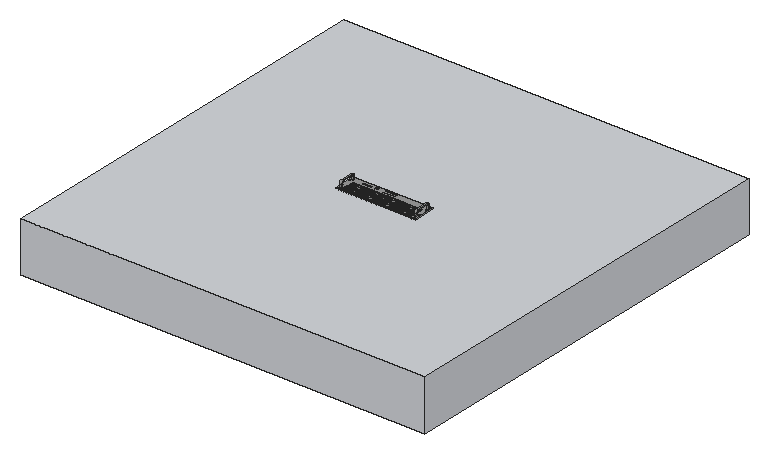
Revit family "IPS-10000", category Allgemeines Modell, Revit 2019
Family settings
  Basisbauteil = Fläche
  Kann Basisbauteil für Bewehrung sein = Nein
  Bemaßung runder Anschluss = Radius verwenden
  Teiletyp = Normal
  Beim Laden mit Abzugskörper schneiden = Nein
  Gemeinsam genutzt = Nein
  Raumberechnungspunkt = Nein
Parameters (values of type "IPS 10000 MK2")
  weight = 20.00 kg
  voltage supply = 230 V
  storage capacity in TB = 108
  power consumption = 230 W
  operating temperature = "+5°C up to +40°C"
  dimensions = "483x133x533mm"
  channels = 120
  Default Elevation = 1219.2 mm
  URL = "https://www.dallmeier.com/fileadmin/user_upload/Downloads/Download_Centre/01_Documents/03_Recorder/01_Rack-Mount/IPS_10000_MK2/01_Specification/ds_IPS_10000_MK2_de.pdf"
  RAID 6 = yes
  Modell = "IPS 10000 MK2"
  Max. Bitrate = "480Mbps"
  Hersteller = "Dallmeier electronic GmbH"
Reference planes
  plane 1 "Mitte (Vorne/hinten)": y = 0
  plane 2: z = 0
  plane 3 "Mitte (Links/rechts)": x = 0
Forms (mm)
  Extrusion 1, solid
    sketch origin (0, 0, 0) x (1, 0, 0) y (0, 1, 0)
      loop
        line (-1219.2, 1219.2) -> (-1219.2, -1219.2) -> (1219.2, -1219.2) -> (1219.2, 1219.2) -> (-1219.2, 1219.2)
    from 0 to -304.8
  Extrusion 2, solid, material "Panomera_Schwarz"
    sketch origin (6.751, 6.5, 0) x (1, 0, 0) y (0, 1, 0)
      loop
        line (-227.751, -73) -> (214.249, -73) -> (214.249, 60) -> (-227.751, 60) -> (-227.751, -73)
    from 0 to -533
  Extrusion 3, solid, material "Panomera_Schwarz"
    sketch origin (33.712, -5.293, 0) x (1, 0, 0) y (0, 1, 0)
      loop
        line (-275.212, -61.207) -> (207.788, -61.207) -> (207.788, 71.793) -> (-275.212, 71.793) -> (-275.212, -61.207)
    from 0 to 5
  Sweep 4, solid, material "Panomera_Schwarz"
    path origin (3.89, 1.564, 0.102) x (0, 1, 0) y (0, 0, -1)
      loop
        line (44.936, 0) -> (44.936, -25)
        arc (44.936, -25) -> (42.007, -32.071) -> (34.936, -35) r 10
        line (34.936, -35) -> (-38.064, -35)
        arc (-38.064, -35) -> (-45.135, -32.071) -> (-48.064, -25) r 10
        line (-48.064, -25) -> (-48.064, 0)
    profile origin (3.89, 46.5, 12.602) x (0, 1, 0) y (-1, 0, 0)
      loop
        circle (0, -221.287) r 4
  Sweep 5, solid, material "Panomera_Schwarz"
    path origin (-4.602, 1.564, 0.135) x (0, 1, 0) y (0, 0, 1)
      loop
        line (44.936, 0) -> (44.936, 25)
        arc (44.936, 25) -> (42.007, 32.071) -> (34.936, 35) r 10
        line (34.936, 35) -> (-38.064, 35)
        arc (-38.064, 35) -> (-45.135, 32.071) -> (-48.064, 25) r 10
        line (-48.064, 25) -> (-48.064, 0)
    profile origin (-4.602, 46.5, 12.635) x (0, -1, 0) y (1, 0, 0)
      loop
        circle (0, -221.287) r 4
  Extrusion 6, void
    sketch origin (7.5, 0, 0) x (1, 0, 0) y (0, 1, 0)
      loop
        line (-213.458, 20.94) -> (-213.458, -14.06) -> (-108.778, -14.06) -> (-108.778, 20.94) -> (-213.458, 20.94)
      loop
        line (-212.458, 19.94) -> (-212.458, -13.06) -> (-109.778, -13.06) -> (-109.778, 19.94) -> (-212.458, 19.94)
    from 0 to 11.095
  Extrusion 7, void
    sketch origin (5.958, -45.94, 0) x (1, 0, 0) y (0, 1, 0)
      loop
        line (-211.916, 20.94) -> (-211.916, -14.06) -> (-107.236, -14.06) -> (-107.236, 20.94) -> (-211.916, 20.94)
      loop
        line (-210.916, 19.94) -> (-210.916, -13.06) -> (-108.236, -13.06) -> (-108.236, 19.94) -> (-210.916, 19.94)
    from 0 to 11.095
  Extrusion 8, void
    sketch origin (111.18, 0, 0) x (1, 0, 0) y (0, 1, 0)
      loop
        line (-213.458, 20.94) -> (-213.458, -14.06) -> (-108.778, -14.06) -> (-108.778, 20.94) -> (-213.458, 20.94)
      loop
        line (-212.458, 19.94) -> (-212.458, -13.06) -> (-109.778, -13.06) -> (-109.778, 19.94) -> (-212.458, 19.94)
    from 0 to 11.095
  Extrusion 9, void
    sketch origin (109.638, -45.94, 0) x (1, 0, 0) y (0, 1, 0)
      loop
        line (-211.916, 20.94) -> (-211.916, -14.06) -> (-107.236, -14.06) -> (-107.236, 20.94) -> (-211.916, 20.94)
      loop
        line (-210.916, 19.94) -> (-210.916, -13.06) -> (-108.236, -13.06) -> (-108.236, 19.94) -> (-210.916, 19.94)
    from 0 to 11.095
  Extrusion 10, void
    sketch origin (214.86, 0, 0) x (1, 0, 0) y (0, 1, 0)
      loop
        line (-213.458, 20.94) -> (-213.458, -14.06) -> (-108.778, -14.06) -> (-108.778, 20.94) -> (-213.458, 20.94)
      loop
        line (-212.458, 19.94) -> (-212.458, -13.06) -> (-109.778, -13.06) -> (-109.778, 19.94) -> (-212.458, 19.94)
    from 0 to 11.095
  Extrusion 11, void
    sketch origin (213.318, -45.94, 0) x (1, 0, 0) y (0, 1, 0)
      loop
        line (-211.916, 20.94) -> (-211.916, -14.06) -> (-107.236, -14.06) -> (-107.236, 20.94) -> (-211.916, 20.94)
      loop
        line (-210.916, 19.94) -> (-210.916, -13.06) -> (-108.236, -13.06) -> (-108.236, 19.94) -> (-210.916, 19.94)
    from 0 to 11.095
  Extrusion 12, void
    sketch origin (318.54, 0, 0) x (1, 0, 0) y (0, 1, 0)
      loop
        line (-213.458, 20.94) -> (-213.458, -14.06) -> (-108.778, -14.06) -> (-108.778, 20.94) -> (-213.458, 20.94)
      loop
        line (-212.458, 19.94) -> (-212.458, -13.06) -> (-109.778, -13.06) -> (-109.778, 19.94) -> (-212.458, 19.94)
    from 0 to 11.095
  Extrusion 13, void
    sketch origin (316.998, -45.94, 0) x (1, 0, 0) y (0, 1, 0)
      loop
        line (-211.916, 20.94) -> (-211.916, -14.06) -> (-107.236, -14.06) -> (-107.236, 20.94) -> (-211.916, 20.94)
      loop
        line (-210.916, 19.94) -> (-210.916, -13.06) -> (-108.236, -13.06) -> (-108.236, 19.94) -> (-210.916, 19.94)
    from 0 to 11.095
  Extrusion 14, void
    sketch origin (0, 0, 0) x (1, 0, 0) y (0, 1, 0)
      loop
        line (-34.734, 32.679) -> (34.316, 32.679)
        arc (34.316, 32.679) -> (36.437, 33.558) -> (37.316, 35.679) r 3
        line (37.316, 35.679) -> (37.316, 54.679)
        arc (37.316, 54.679) -> (36.437, 56.8) -> (34.316, 57.679) r 3
        line (34.316, 57.679) -> (-34.694, 57.679)
        arc (-34.694, 57.679) -> (-36.808, 56.803) -> (-37.684, 54.689) r 2.99
        line (-37.684, 54.689) -> (-37.684, 35.629)
        arc (-37.684, 35.629) -> (-36.82, 33.543) -> (-34.734, 32.679) r 2.95
    from 3 to 15.783
  Extrusion 15, void
    sketch origin (0, 0, 0) x (1, 0, 0) y (0, 1, 0)
      loop
        circle (-158.651, 44.249) r 3.735
      loop
        circle (-143.651, 44.249) r 3.735
      loop
        circle (-128.651, 44.249) r 3.735
      loop
        circle (-113.051, 44.249) r 3.735
      loop
        line (-91.597, 39.54) -> (-74.125, 39.54) -> (-74.125, 49.54) -> (-91.597, 49.54) -> (-91.597, 39.54)
    from 3 to 10
  Extrusion 16, void
    sketch origin (0, 0, 0) x (1, 0, 0) y (0, 1, 0)
      loop
        circle (-233.458, 29.912) r 5
    from 0 to 250
  Extrusion 17, void
    sketch origin (0, -58.712, 0) x (1, 0, 0) y (0, 1, 0)
      loop
        circle (-233.458, 29.912) r 5
    from 0 to 250
  Extrusion 18, void
    sketch origin (0, 0, 0) x (-1, 0, 0) y (0, -1, 0)
      loop
        circle (-233.458, -29.912) r 5
    from 0 to 250
  Extrusion 19, void
    sketch origin (0, -58.712, 0) x (-1, 0, 0) y (0, -1, 0)
      loop
        circle (-233.458, -29.912) r 5
    from 0 to 250
  Extrusion 20, solid, material "Panomera_Schwarz"
    sketch origin (5.343, 0, 0) x (1, 0, 0) y (0, 1, 0)
      loop
        circle (-159.06, 3.389) r 10
      loop
        line (-160.499, -4.467) -> (-157.478, -4.467) -> (-157.478, 10.889) -> (-160.499, 10.889) -> (-160.499, -4.467)
    from 5 to 8.576
  Extrusion 21, solid, material "Panomera_Schwarz"
    sketch origin (5.343, -46.25, 0) x (1, 0, 0) y (0, 1, 0)
      loop
        circle (-159.06, 3.389) r 10
      loop
        line (-160.483, 11.483) -> (-160.483, -4.06) -> (-157.58, -4.06) -> (-157.58, 11.483) -> (-160.483, 11.483)
    from 5 to 8.576
  Extrusion 22, solid, material "Panomera_Schwarz"
    sketch origin (109.187, 0, 0) x (1, 0, 0) y (0, 1, 0)
      loop
        circle (-159.06, 3.389) r 10
      loop
        line (-160.499, -4.467) -> (-157.478, -4.467) -> (-157.478, 10.889) -> (-160.499, 10.889) -> (-160.499, -4.467)
    from 5 to 8.576
  Extrusion 23, solid, material "Panomera_Schwarz"
    sketch origin (109.187, -46.25, 0) x (1, 0, 0) y (0, 1, 0)
      loop
        circle (-159.06, 3.389) r 10
      loop
        line (-160.483, 11.483) -> (-160.483, -4.06) -> (-157.58, -4.06) -> (-157.58, 11.483) -> (-160.483, 11.483)
    from 5 to 8.576
  Extrusion 24, solid, material "Panomera_Schwarz"
    sketch origin (213.031, 0, 0) x (1, 0, 0) y (0, 1, 0)
      loop
        circle (-159.06, 3.389) r 10
      loop
        line (-160.499, -4.467) -> (-157.478, -4.467) -> (-157.478, 10.889) -> (-160.499, 10.889) -> (-160.499, -4.467)
    from 5 to 8.576
  Extrusion 25, solid, material "Panomera_Schwarz"
    sketch origin (213.031, -46.25, 0) x (1, 0, 0) y (0, 1, 0)
      loop
        circle (-159.06, 3.389) r 10
      loop
        line (-160.483, 11.483) -> (-160.483, -4.06) -> (-157.58, -4.06) -> (-157.58, 11.483) -> (-160.483, 11.483)
    from 5 to 8.576
  Extrusion 26, solid, material "Panomera_Schwarz"
    sketch origin (316.875, 0, 0) x (1, 0, 0) y (0, 1, 0)
      loop
        circle (-159.06, 3.389) r 10
      loop
        line (-160.499, -4.467) -> (-157.478, -4.467) -> (-157.478, 10.889) -> (-160.499, 10.889) -> (-160.499, -4.467)
    from 5 to 8.576
  Extrusion 27, solid, material "Panomera_Schwarz"
    sketch origin (316.875, -46.25, 0) x (1, 0, 0) y (0, 1, 0)
      loop
        circle (-159.06, 3.389) r 10
      loop
        line (-160.483, 11.483) -> (-160.483, -4.06) -> (-157.58, -4.06) -> (-157.58, 11.483) -> (-160.483, 11.483)
    from 5 to 8.576
  Extrusion 28, void
    sketch origin (0, 0, 0) x (1, 0, 0) y (0, 1, 0)
      loop
        line (221, 66.5) -> (116, 66.5) -> (116, 22.952) -> (221, 22.952) -> (221, 66.5)
      loop
        line (221, -66.619) -> (221, -22.619) -> (116, -22.619) -> (116, -66.619) -> (221, -66.619)
      loop
        line (221, 22.118) -> (116, 22.118) -> (116, -21.794) -> (221, -21.794) -> (221, 22.118)
    from -533 to -531.163
  Extrusion 29, void
    sketch origin (0, 0, 0) x (1, 0, 0) y (0, 1, 0)
      loop
        line (-24.417, -29.743) -> (-24.417, -19.743) -> (-39.417, -19.743) -> (-39.417, -29.743) -> (-24.417, -29.743)
      loop
        line (-49.417, -29.743) -> (-49.417, -19.743) -> (-64.417, -19.743) -> (-64.417, -29.743) -> (-49.417, -29.743)
    from -524.874 to -533
  Extrusion 30, void
    sketch origin (-345.983, 122.493, 0) x (-1, 0, 0) y (0, -1, 0)
      loop
        line (-142.891, 104.22) -> (-142.891, 107.096) -> (-145.696, 107.096) -> (-145.696, 104.22) -> (-142.891, 104.22)
    from 3.837 to 11.095
  Extrusion 31, void
    sketch origin (-341.14, 122.493, 0) x (-1, 0, 0) y (0, -1, 0)
      loop
        line (-142.891, 104.22) -> (-142.891, 107.096) -> (-145.696, 107.096) -> (-145.696, 104.22) -> (-142.891, 104.22)
    from 3.837 to 11.095
  Extrusion 32, void
    sketch origin (-336.297, 122.493, 0) x (-1, 0, 0) y (0, -1, 0)
      loop
        line (-142.891, 104.22) -> (-142.891, 107.096) -> (-145.696, 107.096) -> (-145.696, 104.22) -> (-142.891, 104.22)
    from 3.837 to 11.095
  Extrusion 33, void
    sketch origin (-331.453, 122.493, 0) x (-1, 0, 0) y (0, -1, 0)
      loop
        line (-142.891, 104.22) -> (-142.891, 107.096) -> (-145.696, 107.096) -> (-145.696, 104.22) -> (-142.891, 104.22)
    from 3.837 to 11.095
  Extrusion 34, void
    sketch origin (-326.61, 122.493, 0) x (-1, 0, 0) y (0, -1, 0)
      loop
        line (-142.891, 104.22) -> (-142.891, 107.096) -> (-145.696, 107.096) -> (-145.696, 104.22) -> (-142.891, 104.22)
    from 3.837 to 11.095
  Extrusion 35, void
    sketch origin (-321.766, 122.493, 0) x (-1, 0, 0) y (0, -1, 0)
      loop
        line (-142.891, 104.22) -> (-142.891, 107.096) -> (-145.696, 107.096) -> (-145.696, 104.22) -> (-142.891, 104.22)
    from 3.837 to 11.095
  Extrusion 36, void
    sketch origin (-316.923, 122.493, 0) x (-1, 0, 0) y (0, -1, 0)
      loop
        line (-142.891, 104.22) -> (-142.891, 107.096) -> (-145.696, 107.096) -> (-145.696, 104.22) -> (-142.891, 104.22)
    from 3.837 to 11.095
  Extrusion 37, void
    sketch origin (-312.08, 122.493, 0) x (-1, 0, 0) y (0, -1, 0)
      loop
        line (-142.891, 104.22) -> (-142.891, 107.096) -> (-145.696, 107.096) -> (-145.696, 104.22) -> (-142.891, 104.22)
    from 3.837 to 11.095
  Extrusion 38, void, not visible
    sketch origin (-345.983, 40, 0) x (-1, 0, 0) y (0, -1, 0)
      loop
        line (-142.891, 21.727) -> (-142.891, 24.603) -> (-145.696, 24.603) -> (-145.696, 21.727) -> (-142.891, 21.727)
    from 3.837 to 11.095
  Extrusion 39, void
    sketch origin (-345.983, 117.493, 0) x (-1, 0, 0) y (0, -1, 0)
      loop
        line (-142.891, 104.22) -> (-142.891, 107.096) -> (-145.696, 107.096) -> (-145.696, 104.22) -> (-142.891, 104.22)
    from 3.837 to 11.095
  Extrusion 40, void
    sketch origin (-341.14, 117.493, 0) x (-1, 0, 0) y (0, -1, 0)
      loop
        line (-142.891, 104.22) -> (-142.891, 107.096) -> (-145.696, 107.096) -> (-145.696, 104.22) -> (-142.891, 104.22)
    from 3.837 to 11.095
  Extrusion 41, void
    sketch origin (-336.297, 117.493, 0) x (-1, 0, 0) y (0, -1, 0)
      loop
        line (-142.891, 104.22) -> (-142.891, 107.096) -> (-145.696, 107.096) -> (-145.696, 104.22) -> (-142.891, 104.22)
    from 3.837 to 11.095
  Extrusion 42, void
    sketch origin (-331.453, 117.493, 0) x (-1, 0, 0) y (0, -1, 0)
      loop
        line (-142.891, 104.22) -> (-142.891, 107.096) -> (-145.696, 107.096) -> (-145.696, 104.22) -> (-142.891, 104.22)
    from 3.837 to 11.095
  Extrusion 43, void
    sketch origin (-326.61, 117.493, 0) x (-1, 0, 0) y (0, -1, 0)
      loop
        line (-142.891, 104.22) -> (-142.891, 107.096) -> (-145.696, 107.096) -> (-145.696, 104.22) -> (-142.891, 104.22)
    from 3.837 to 11.095
  Extrusion 44, void
    sketch origin (-321.766, 117.493, 0) x (-1, 0, 0) y (0, -1, 0)
      loop
        line (-142.891, 104.22) -> (-142.891, 107.096) -> (-145.696, 107.096) -> (-145.696, 104.22) -> (-142.891, 104.22)
    from 3.837 to 11.095
  Extrusion 45, void
    sketch origin (-316.923, 117.493, 0) x (-1, 0, 0) y (0, -1, 0)
      loop
        line (-142.891, 104.22) -> (-142.891, 107.096) -> (-145.696, 107.096) -> (-145.696, 104.22) -> (-142.891, 104.22)
    from 3.837 to 11.095
  Extrusion 46, void
    sketch origin (-312.08, 117.493, 0) x (-1, 0, 0) y (0, -1, 0)
      loop
        line (-142.891, 104.22) -> (-142.891, 107.096) -> (-145.696, 107.096) -> (-145.696, 104.22) -> (-142.891, 104.22)
    from 3.837 to 11.095
  Extrusion 47, void
    sketch origin (-345.983, 112.493, 0) x (-1, 0, 0) y (0, -1, 0)
      loop
        line (-142.891, 104.22) -> (-142.891, 107.096) -> (-145.696, 107.096) -> (-145.696, 104.22) -> (-142.891, 104.22)
    from 3.837 to 11.095
  Extrusion 48, void
    sketch origin (-341.14, 112.493, 0) x (-1, 0, 0) y (0, -1, 0)
      loop
        line (-142.891, 104.22) -> (-142.891, 107.096) -> (-145.696, 107.096) -> (-145.696, 104.22) -> (-142.891, 104.22)
    from 3.837 to 11.095
  Extrusion 49, void
    sketch origin (-336.297, 112.493, 0) x (-1, 0, 0) y (0, -1, 0)
      loop
        line (-142.891, 104.22) -> (-142.891, 107.096) -> (-145.696, 107.096) -> (-145.696, 104.22) -> (-142.891, 104.22)
    from 3.837 to 11.095
  Extrusion 50, void
    sketch origin (-331.453, 112.493, 0) x (-1, 0, 0) y (0, -1, 0)
      loop
        line (-142.891, 104.22) -> (-142.891, 107.096) -> (-145.696, 107.096) -> (-145.696, 104.22) -> (-142.891, 104.22)
    from 3.837 to 11.095
  Extrusion 51, void
    sketch origin (-326.61, 112.493, 0) x (-1, 0, 0) y (0, -1, 0)
      loop
        line (-142.891, 104.22) -> (-142.891, 107.096) -> (-145.696, 107.096) -> (-145.696, 104.22) -> (-142.891, 104.22)
    from 3.837 to 11.095
  Extrusion 52, void
    sketch origin (-321.766, 112.493, 0) x (-1, 0, 0) y (0, -1, 0)
      loop
        line (-142.891, 104.22) -> (-142.891, 107.096) -> (-145.696, 107.096) -> (-145.696, 104.22) -> (-142.891, 104.22)
    from 3.837 to 11.095
  Extrusion 53, void
    sketch origin (-316.923, 112.493, 0) x (-1, 0, 0) y (0, -1, 0)
      loop
        line (-142.891, 104.22) -> (-142.891, 107.096) -> (-145.696, 107.096) -> (-145.696, 104.22) -> (-142.891, 104.22)
    from 3.837 to 11.095
  Extrusion 54, void
    sketch origin (-312.08, 112.493, 0) x (-1, 0, 0) y (0, -1, 0)
      loop
        line (-142.891, 104.22) -> (-142.891, 107.096) -> (-145.696, 107.096) -> (-145.696, 104.22) -> (-142.891, 104.22)
    from 3.837 to 11.095
  Extrusion 55, void
    sketch origin (-345.983, 107.493, 0) x (-1, 0, 0) y (0, -1, 0)
      loop
        line (-142.891, 104.22) -> (-142.891, 107.096) -> (-145.696, 107.096) -> (-145.696, 104.22) -> (-142.891, 104.22)
    from 3.837 to 11.095
  Extrusion 56, void
    sketch origin (-341.14, 107.493, 0) x (-1, 0, 0) y (0, -1, 0)
      loop
        line (-142.891, 104.22) -> (-142.891, 107.096) -> (-145.696, 107.096) -> (-145.696, 104.22) -> (-142.891, 104.22)
    from 3.837 to 11.095
  Extrusion 57, void
    sketch origin (-336.297, 107.493, 0) x (-1, 0, 0) y (0, -1, 0)
      loop
        line (-142.891, 104.22) -> (-142.891, 107.096) -> (-145.696, 107.096) -> (-145.696, 104.22) -> (-142.891, 104.22)
    from 3.837 to 11.095
  Extrusion 58, void
    sketch origin (-331.453, 107.493, 0) x (-1, 0, 0) y (0, -1, 0)
      loop
        line (-142.891, 104.22) -> (-142.891, 107.096) -> (-145.696, 107.096) -> (-145.696, 104.22) -> (-142.891, 104.22)
    from 3.837 to 11.095
  Extrusion 59, void
    sketch origin (-326.61, 107.493, 0) x (-1, 0, 0) y (0, -1, 0)
      loop
        line (-142.891, 104.22) -> (-142.891, 107.096) -> (-145.696, 107.096) -> (-145.696, 104.22) -> (-142.891, 104.22)
    from 3.837 to 11.095
  Extrusion 60, void
    sketch origin (-321.766, 107.493, 0) x (-1, 0, 0) y (0, -1, 0)
      loop
        line (-142.891, 104.22) -> (-142.891, 107.096) -> (-145.696, 107.096) -> (-145.696, 104.22) -> (-142.891, 104.22)
    from 3.837 to 11.095
  Extrusion 61, void
    sketch origin (-316.923, 107.493, 0) x (-1, 0, 0) y (0, -1, 0)
      loop
        line (-142.891, 104.22) -> (-142.891, 107.096) -> (-145.696, 107.096) -> (-145.696, 104.22) -> (-142.891, 104.22)
    from 3.837 to 11.095
  Extrusion 62, void
    sketch origin (-312.08, 107.493, 0) x (-1, 0, 0) y (0, -1, 0)
      loop
        line (-142.891, 104.22) -> (-142.891, 107.096) -> (-145.696, 107.096) -> (-145.696, 104.22) -> (-142.891, 104.22)
    from 3.837 to 11.095
  Extrusion 63, void
    sketch origin (38.747, 0, 0) x (1, 0, 0) y (0, 1, 0)
      loop
        line (-142.891, 18.273) -> (-145.696, 18.273) -> (-145.696, 15.397) -> (-142.891, 15.397) -> (-142.891, 18.273)
    from 3.837 to 11.095
  Extrusion 64, void
    sketch origin (33.903, 0, 0) x (1, 0, 0) y (0, 1, 0)
      loop
        line (-142.891, 18.273) -> (-145.696, 18.273) -> (-145.696, 15.397) -> (-142.891, 15.397) -> (-142.891, 18.273)
    from 3.837 to 11.095
  Extrusion 65, void
    sketch origin (29.06, 0, 0) x (1, 0, 0) y (0, 1, 0)
      loop
        line (-142.891, 18.273) -> (-145.696, 18.273) -> (-145.696, 15.397) -> (-142.891, 15.397) -> (-142.891, 18.273)
    from 3.837 to 11.095
  Extrusion 66, void
    sketch origin (24.217, 0, 0) x (1, 0, 0) y (0, 1, 0)
      loop
        line (-142.891, 18.273) -> (-145.696, 18.273) -> (-145.696, 15.397) -> (-142.891, 15.397) -> (-142.891, 18.273)
    from 3.837 to 11.095
  Extrusion 67, void
    sketch origin (19.373, 0, 0) x (1, 0, 0) y (0, 1, 0)
      loop
        line (-142.891, 18.273) -> (-145.696, 18.273) -> (-145.696, 15.397) -> (-142.891, 15.397) -> (-142.891, 18.273)
    from 3.837 to 11.095
  Extrusion 68, void
    sketch origin (14.53, 0, 0) x (1, 0, 0) y (0, 1, 0)
      loop
        line (-142.891, 18.273) -> (-145.696, 18.273) -> (-145.696, 15.397) -> (-142.891, 15.397) -> (-142.891, 18.273)
    from 3.837 to 11.095
  Extrusion 69, void
    sketch origin (9.687, 0, 0) x (1, 0, 0) y (0, 1, 0)
      loop
        line (-142.891, 18.273) -> (-145.696, 18.273) -> (-145.696, 15.397) -> (-142.891, 15.397) -> (-142.891, 18.273)
    from 3.837 to 11.095
  Extrusion 70, void
    sketch origin (4.843, 0, 0) x (1, 0, 0) y (0, 1, 0)
      loop
        line (-142.891, 18.273) -> (-145.696, 18.273) -> (-145.696, 15.397) -> (-142.891, 15.397) -> (-142.891, 18.273)
    from 3.837 to 11.095
  Extrusion 71, void
    sketch origin (38.747, -5, 0) x (1, 0, 0) y (0, 1, 0)
      loop
        line (-142.891, 18.273) -> (-145.696, 18.273) -> (-145.696, 15.397) -> (-142.891, 15.397) -> (-142.891, 18.273)
    from 3.837 to 11.095
  Extrusion 72, void
    sketch origin (33.903, -5, 0) x (1, 0, 0) y (0, 1, 0)
      loop
        line (-142.891, 18.273) -> (-145.696, 18.273) -> (-145.696, 15.397) -> (-142.891, 15.397) -> (-142.891, 18.273)
    from 3.837 to 11.095
  Extrusion 73, void
    sketch origin (29.06, -5, 0) x (1, 0, 0) y (0, 1, 0)
      loop
        line (-142.891, 18.273) -> (-145.696, 18.273) -> (-145.696, 15.397) -> (-142.891, 15.397) -> (-142.891, 18.273)
    from 3.837 to 11.095
  Extrusion 74, void
    sketch origin (24.217, -5, 0) x (1, 0, 0) y (0, 1, 0)
      loop
        line (-142.891, 18.273) -> (-145.696, 18.273) -> (-145.696, 15.397) -> (-142.891, 15.397) -> (-142.891, 18.273)
    from 3.837 to 11.095
  Extrusion 75, void
    sketch origin (19.373, -5, 0) x (1, 0, 0) y (0, 1, 0)
      loop
        line (-142.891, 18.273) -> (-145.696, 18.273) -> (-145.696, 15.397) -> (-142.891, 15.397) -> (-142.891, 18.273)
    from 3.837 to 11.095
  Extrusion 76, void
    sketch origin (14.53, -5, 0) x (1, 0, 0) y (0, 1, 0)
      loop
        line (-142.891, 18.273) -> (-145.696, 18.273) -> (-145.696, 15.397) -> (-142.891, 15.397) -> (-142.891, 18.273)
    from 3.837 to 11.095
  Extrusion 77, void
    sketch origin (9.687, -5, 0) x (1, 0, 0) y (0, 1, 0)
      loop
        line (-142.891, 18.273) -> (-145.696, 18.273) -> (-145.696, 15.397) -> (-142.891, 15.397) -> (-142.891, 18.273)
    from 3.837 to 11.095
  Extrusion 78, void
    sketch origin (4.843, -5, 0) x (1, 0, 0) y (0, 1, 0)
      loop
        line (-142.891, 18.273) -> (-145.696, 18.273) -> (-145.696, 15.397) -> (-142.891, 15.397) -> (-142.891, 18.273)
    from 3.837 to 11.095
  Extrusion 79, void
    sketch origin (38.747, -10, 0) x (1, 0, 0) y (0, 1, 0)
      loop
        line (-142.891, 18.273) -> (-145.696, 18.273) -> (-145.696, 15.397) -> (-142.891, 15.397) -> (-142.891, 18.273)
    from 3.837 to 11.095
  Extrusion 80, void
    sketch origin (33.903, -10, 0) x (1, 0, 0) y (0, 1, 0)
      loop
        line (-142.891, 18.273) -> (-145.696, 18.273) -> (-145.696, 15.397) -> (-142.891, 15.397) -> (-142.891, 18.273)
    from 3.837 to 11.095
  Extrusion 81, void
    sketch origin (29.06, -10, 0) x (1, 0, 0) y (0, 1, 0)
      loop
        line (-142.891, 18.273) -> (-145.696, 18.273) -> (-145.696, 15.397) -> (-142.891, 15.397) -> (-142.891, 18.273)
    from 3.837 to 11.095
  Extrusion 82, void
    sketch origin (24.217, -10, 0) x (1, 0, 0) y (0, 1, 0)
      loop
        line (-142.891, 18.273) -> (-145.696, 18.273) -> (-145.696, 15.397) -> (-142.891, 15.397) -> (-142.891, 18.273)
    from 3.837 to 11.095
  Extrusion 83, void
    sketch origin (19.373, -10, 0) x (1, 0, 0) y (0, 1, 0)
      loop
        line (-142.891, 18.273) -> (-145.696, 18.273) -> (-145.696, 15.397) -> (-142.891, 15.397) -> (-142.891, 18.273)
    from 3.837 to 11.095
  Extrusion 84, void
    sketch origin (14.53, -10, 0) x (1, 0, 0) y (0, 1, 0)
      loop
        line (-142.891, 18.273) -> (-145.696, 18.273) -> (-145.696, 15.397) -> (-142.891, 15.397) -> (-142.891, 18.273)
    from 3.837 to 11.095
  Extrusion 85, void
    sketch origin (9.687, -10, 0) x (1, 0, 0) y (0, 1, 0)
      loop
        line (-142.891, 18.273) -> (-145.696, 18.273) -> (-145.696, 15.397) -> (-142.891, 15.397) -> (-142.891, 18.273)
    from 3.837 to 11.095
  Extrusion 86, void
    sketch origin (4.843, -10, 0) x (1, 0, 0) y (0, 1, 0)
      loop
        line (-142.891, 18.273) -> (-145.696, 18.273) -> (-145.696, 15.397) -> (-142.891, 15.397) -> (-142.891, 18.273)
    from 3.837 to 11.095
  Extrusion 87, void
    sketch origin (38.747, -15, 0) x (1, 0, 0) y (0, 1, 0)
      loop
        line (-142.891, 18.273) -> (-145.696, 18.273) -> (-145.696, 15.397) -> (-142.891, 15.397) -> (-142.891, 18.273)
    from 3.837 to 11.095
  Extrusion 88, void
    sketch origin (33.903, -15, 0) x (1, 0, 0) y (0, 1, 0)
      loop
        line (-142.891, 18.273) -> (-145.696, 18.273) -> (-145.696, 15.397) -> (-142.891, 15.397) -> (-142.891, 18.273)
    from 3.837 to 11.095
  Extrusion 89, void
    sketch origin (29.06, -15, 0) x (1, 0, 0) y (0, 1, 0)
      loop
        line (-142.891, 18.273) -> (-145.696, 18.273) -> (-145.696, 15.397) -> (-142.891, 15.397) -> (-142.891, 18.273)
    from 3.837 to 11.095
  Extrusion 90, void
    sketch origin (24.217, -15, 0) x (1, 0, 0) y (0, 1, 0)
      loop
        line (-142.891, 18.273) -> (-145.696, 18.273) -> (-145.696, 15.397) -> (-142.891, 15.397) -> (-142.891, 18.273)
    from 3.837 to 11.095
  Extrusion 91, void
    sketch origin (19.373, -15, 0) x (1, 0, 0) y (0, 1, 0)
      loop
        line (-142.891, 18.273) -> (-145.696, 18.273) -> (-145.696, 15.397) -> (-142.891, 15.397) -> (-142.891, 18.273)
    from 3.837 to 11.095
  Extrusion 92, void
    sketch origin (14.53, -15, 0) x (1, 0, 0) y (0, 1, 0)
      loop
        line (-142.891, 18.273) -> (-145.696, 18.273) -> (-145.696, 15.397) -> (-142.891, 15.397) -> (-142.891, 18.273)
    from 3.837 to 11.095
  Extrusion 93, void
    sketch origin (9.687, -15, 0) x (1, 0, 0) y (0, 1, 0)
      loop
        line (-142.891, 18.273) -> (-145.696, 18.273) -> (-145.696, 15.397) -> (-142.891, 15.397) -> (-142.891, 18.273)
    from 3.837 to 11.095
  Extrusion 94, void
    sketch origin (4.843, -15, 0) x (1, 0, 0) y (0, 1, 0)
      loop
        line (-142.891, 18.273) -> (-145.696, 18.273) -> (-145.696, 15.397) -> (-142.891, 15.397) -> (-142.891, 18.273)
    from 3.837 to 11.095
  Extrusion 95, void
    sketch origin (-345.983, 76.246, 0) x (-1, 0, 0) y (0, -1, 0)
      loop
        line (-142.891, 104.22) -> (-142.891, 107.096) -> (-145.696, 107.096) -> (-145.696, 104.22) -> (-142.891, 104.22)
    from 3.837 to 11.095
  Extrusion 96, void
    sketch origin (-341.14, 76.246, 0) x (-1, 0, 0) y (0, -1, 0)
      loop
        line (-142.891, 104.22) -> (-142.891, 107.096) -> (-145.696, 107.096) -> (-145.696, 104.22) -> (-142.891, 104.22)
    from 3.837 to 11.095
  Extrusion 97, void
    sketch origin (-336.297, 76.246, 0) x (-1, 0, 0) y (0, -1, 0)
      loop
        line (-142.891, 104.22) -> (-142.891, 107.096) -> (-145.696, 107.096) -> (-145.696, 104.22) -> (-142.891, 104.22)
    from 3.837 to 11.095
  Extrusion 98, void
    sketch origin (-331.453, 76.246, 0) x (-1, 0, 0) y (0, -1, 0)
      loop
        line (-142.891, 104.22) -> (-142.891, 107.096) -> (-145.696, 107.096) -> (-145.696, 104.22) -> (-142.891, 104.22)
    from 3.837 to 11.095
  Extrusion 99, void
    sketch origin (-326.61, 76.246, 0) x (-1, 0, 0) y (0, -1, 0)
      loop
        line (-142.891, 104.22) -> (-142.891, 107.096) -> (-145.696, 107.096) -> (-145.696, 104.22) -> (-142.891, 104.22)
    from 3.837 to 11.095
  Extrusion 100, void
    sketch origin (-321.766, 76.246, 0) x (-1, 0, 0) y (0, -1, 0)
      loop
        line (-142.891, 104.22) -> (-142.891, 107.096) -> (-145.696, 107.096) -> (-145.696, 104.22) -> (-142.891, 104.22)
    from 3.837 to 11.095
  Extrusion 101, void
    sketch origin (-316.923, 76.246, 0) x (-1, 0, 0) y (0, -1, 0)
      loop
        line (-142.891, 104.22) -> (-142.891, 107.096) -> (-145.696, 107.096) -> (-145.696, 104.22) -> (-142.891, 104.22)
    from 3.837 to 11.095
  Extrusion 102, void
    sketch origin (-312.08, 76.246, 0) x (-1, 0, 0) y (0, -1, 0)
      loop
        line (-142.891, 104.22) -> (-142.891, 107.096) -> (-145.696, 107.096) -> (-145.696, 104.22) -> (-142.891, 104.22)
    from 3.837 to 11.095
  Extrusion 103, void
    sketch origin (-345.983, 71.246, 0) x (-1, 0, 0) y (0, -1, 0)
      loop
        line (-142.891, 104.22) -> (-142.891, 107.096) -> (-145.696, 107.096) -> (-145.696, 104.22) -> (-142.891, 104.22)
    from 3.837 to 11.095
  Extrusion 104, void
    sketch origin (-341.14, 71.246, 0) x (-1, 0, 0) y (0, -1, 0)
      loop
        line (-142.891, 104.22) -> (-142.891, 107.096) -> (-145.696, 107.096) -> (-145.696, 104.22) -> (-142.891, 104.22)
    from 3.837 to 11.095
  Extrusion 105, void
    sketch origin (-336.297, 71.246, 0) x (-1, 0, 0) y (0, -1, 0)
      loop
        line (-142.891, 104.22) -> (-142.891, 107.096) -> (-145.696, 107.096) -> (-145.696, 104.22) -> (-142.891, 104.22)
    from 3.837 to 11.095
  Extrusion 106, void
    sketch origin (-331.453, 71.246, 0) x (-1, 0, 0) y (0, -1, 0)
      loop
        line (-142.891, 104.22) -> (-142.891, 107.096) -> (-145.696, 107.096) -> (-145.696, 104.22) -> (-142.891, 104.22)
    from 3.837 to 11.095
  Extrusion 107, void
    sketch origin (-326.61, 71.246, 0) x (-1, 0, 0) y (0, -1, 0)
      loop
        line (-142.891, 104.22) -> (-142.891, 107.096) -> (-145.696, 107.096) -> (-145.696, 104.22) -> (-142.891, 104.22)
    from 3.837 to 11.095
  Extrusion 108, void
    sketch origin (-321.766, 71.246, 0) x (-1, 0, 0) y (0, -1, 0)
      loop
        line (-142.891, 104.22) -> (-142.891, 107.096) -> (-145.696, 107.096) -> (-145.696, 104.22) -> (-142.891, 104.22)
    from 3.837 to 11.095
  Extrusion 109, void
    sketch origin (-316.923, 71.246, 0) x (-1, 0, 0) y (0, -1, 0)
      loop
        line (-142.891, 104.22) -> (-142.891, 107.096) -> (-145.696, 107.096) -> (-145.696, 104.22) -> (-142.891, 104.22)
    from 3.837 to 11.095
  Extrusion 110, void
    sketch origin (-312.08, 71.246, 0) x (-1, 0, 0) y (0, -1, 0)
      loop
        line (-142.891, 104.22) -> (-142.891, 107.096) -> (-145.696, 107.096) -> (-145.696, 104.22) -> (-142.891, 104.22)
    from 3.837 to 11.095
  Extrusion 111, void
    sketch origin (-345.983, 66.246, 0) x (-1, 0, 0) y (0, -1, 0)
      loop
        line (-142.891, 104.22) -> (-142.891, 107.096) -> (-145.696, 107.096) -> (-145.696, 104.22) -> (-142.891, 104.22)
    from 3.837 to 11.095
  Extrusion 112, void
    sketch origin (-341.14, 66.246, 0) x (-1, 0, 0) y (0, -1, 0)
      loop
        line (-142.891, 104.22) -> (-142.891, 107.096) -> (-145.696, 107.096) -> (-145.696, 104.22) -> (-142.891, 104.22)
    from 3.837 to 11.095
  Extrusion 113, void
    sketch origin (-336.297, 66.246, 0) x (-1, 0, 0) y (0, -1, 0)
      loop
        line (-142.891, 104.22) -> (-142.891, 107.096) -> (-145.696, 107.096) -> (-145.696, 104.22) -> (-142.891, 104.22)
    from 3.837 to 11.095
  Extrusion 114, void
    sketch origin (-331.453, 66.246, 0) x (-1, 0, 0) y (0, -1, 0)
      loop
        line (-142.891, 104.22) -> (-142.891, 107.096) -> (-145.696, 107.096) -> (-145.696, 104.22) -> (-142.891, 104.22)
    from 3.837 to 11.095
  Extrusion 115, void
    sketch origin (-326.61, 66.246, 0) x (-1, 0, 0) y (0, -1, 0)
      loop
        line (-142.891, 104.22) -> (-142.891, 107.096) -> (-145.696, 107.096) -> (-145.696, 104.22) -> (-142.891, 104.22)
    from 3.837 to 11.095
  Extrusion 116, void
    sketch origin (-321.766, 66.246, 0) x (-1, 0, 0) y (0, -1, 0)
      loop
        line (-142.891, 104.22) -> (-142.891, 107.096) -> (-145.696, 107.096) -> (-145.696, 104.22) -> (-142.891, 104.22)
    from 3.837 to 11.095
  Extrusion 117, void
    sketch origin (-316.923, 66.246, 0) x (-1, 0, 0) y (0, -1, 0)
      loop
        line (-142.891, 104.22) -> (-142.891, 107.096) -> (-145.696, 107.096) -> (-145.696, 104.22) -> (-142.891, 104.22)
    from 3.837 to 11.095
  Extrusion 118, void
    sketch origin (-312.08, 66.246, 0) x (-1, 0, 0) y (0, -1, 0)
      loop
        line (-142.891, 104.22) -> (-142.891, 107.096) -> (-145.696, 107.096) -> (-145.696, 104.22) -> (-142.891, 104.22)
    from 3.837 to 11.095
  Extrusion 119, void
    sketch origin (38.747, -61.246, 0) x (1, 0, 0) y (0, 1, 0)
      loop
        line (-241.839, 18.273) -> (-241.839, 15.397) -> (-239.034, 15.397) -> (-239.034, 18.273) -> (-241.839, 18.273)
    from 3.837 to 11.095
  Extrusion 120, void
    sketch origin (33.903, -61.246, 0) x (1, 0, 0) y (0, 1, 0)
      loop
        line (-232.153, 18.273) -> (-232.153, 15.397) -> (-229.347, 15.397) -> (-229.347, 18.273) -> (-232.153, 18.273)
    from 3.837 to 11.095
  Extrusion 121, void
    sketch origin (29.06, -61.246, 0) x (1, 0, 0) y (0, 1, 0)
      loop
        line (-222.466, 18.273) -> (-222.466, 15.397) -> (-219.66, 15.397) -> (-219.66, 18.273) -> (-222.466, 18.273)
    from 3.837 to 11.095
  Extrusion 122, void
    sketch origin (24.217, -61.246, 0) x (1, 0, 0) y (0, 1, 0)
      loop
        line (-212.779, 18.273) -> (-212.779, 15.397) -> (-209.974, 15.397) -> (-209.974, 18.273) -> (-212.779, 18.273)
    from 3.837 to 11.095
  Extrusion 123, void
    sketch origin (19.373, -61.246, 0) x (1, 0, 0) y (0, 1, 0)
      loop
        line (-203.093, 18.273) -> (-203.093, 15.397) -> (-200.287, 15.397) -> (-200.287, 18.273) -> (-203.093, 18.273)
    from 3.837 to 11.095
  Extrusion 124, void
    sketch origin (14.53, -61.246, 0) x (1, 0, 0) y (0, 1, 0)
      loop
        line (-193.406, 18.273) -> (-193.406, 15.397) -> (-190.6, 15.397) -> (-190.6, 18.273) -> (-193.406, 18.273)
    from 3.837 to 11.095
  Extrusion 125, void
    sketch origin (9.687, -61.246, 0) x (1, 0, 0) y (0, 1, 0)
      loop
        line (-183.719, 18.273) -> (-183.719, 15.397) -> (-180.914, 15.397) -> (-180.914, 18.273) -> (-183.719, 18.273)
    from 3.837 to 11.095
  Extrusion 126, void
    sketch origin (4.843, -61.246, 0) x (1, 0, 0) y (0, 1, 0)
      loop
        line (-174.033, 18.273) -> (-174.033, 15.397) -> (-171.227, 15.397) -> (-171.227, 18.273) -> (-174.033, 18.273)
    from 3.837 to 11.095
  Extrusion 127, void
    sketch origin (38.747, -46.246, 0) x (1, 0, 0) y (0, 1, 0)
      loop
        line (-142.891, 18.273) -> (-145.696, 18.273) -> (-145.696, 15.397) -> (-142.891, 15.397) -> (-142.891, 18.273)
    from 3.837 to 11.095
  Extrusion 128, void
    sketch origin (33.903, -46.246, 0) x (1, 0, 0) y (0, 1, 0)
      loop
        line (-142.891, 18.273) -> (-145.696, 18.273) -> (-145.696, 15.397) -> (-142.891, 15.397) -> (-142.891, 18.273)
    from 3.837 to 11.095
  Extrusion 129, void
    sketch origin (29.06, -46.246, 0) x (1, 0, 0) y (0, 1, 0)
      loop
        line (-142.891, 18.273) -> (-145.696, 18.273) -> (-145.696, 15.397) -> (-142.891, 15.397) -> (-142.891, 18.273)
    from 3.837 to 11.095
  Extrusion 130, void
    sketch origin (24.217, -46.246, 0) x (1, 0, 0) y (0, 1, 0)
      loop
        line (-142.891, 18.273) -> (-145.696, 18.273) -> (-145.696, 15.397) -> (-142.891, 15.397) -> (-142.891, 18.273)
    from 3.837 to 11.095
  Extrusion 131, void
    sketch origin (19.373, -46.246, 0) x (1, 0, 0) y (0, 1, 0)
      loop
        line (-142.891, 18.273) -> (-145.696, 18.273) -> (-145.696, 15.397) -> (-142.891, 15.397) -> (-142.891, 18.273)
    from 3.837 to 11.095
  Extrusion 132, void
    sketch origin (14.53, -46.246, 0) x (1, 0, 0) y (0, 1, 0)
      loop
        line (-142.891, 18.273) -> (-145.696, 18.273) -> (-145.696, 15.397) -> (-142.891, 15.397) -> (-142.891, 18.273)
    from 3.837 to 11.095
  Extrusion 133, void
    sketch origin (9.687, -46.246, 0) x (1, 0, 0) y (0, 1, 0)
      loop
        line (-142.891, 18.273) -> (-145.696, 18.273) -> (-145.696, 15.397) -> (-142.891, 15.397) -> (-142.891, 18.273)
    from 3.837 to 11.095
  Extrusion 134, void
    sketch origin (4.843, -46.246, 0) x (1, 0, 0) y (0, 1, 0)
      loop
        line (-142.891, 18.273) -> (-145.696, 18.273) -> (-145.696, 15.397) -> (-142.891, 15.397) -> (-142.891, 18.273)
    from 3.837 to 11.095
  Extrusion 135, void
    sketch origin (38.747, -51.246, 0) x (1, 0, 0) y (0, 1, 0)
      loop
        line (-142.891, 18.273) -> (-145.696, 18.273) -> (-145.696, 15.397) -> (-142.891, 15.397) -> (-142.891, 18.273)
    from 3.837 to 11.095
  Extrusion 136, void
    sketch origin (33.903, -51.246, 0) x (1, 0, 0) y (0, 1, 0)
      loop
        line (-142.891, 18.273) -> (-145.696, 18.273) -> (-145.696, 15.397) -> (-142.891, 15.397) -> (-142.891, 18.273)
    from 3.837 to 11.095
  Extrusion 137, void
    sketch origin (29.06, -51.246, 0) x (1, 0, 0) y (0, 1, 0)
      loop
        line (-142.891, 18.273) -> (-145.696, 18.273) -> (-145.696, 15.397) -> (-142.891, 15.397) -> (-142.891, 18.273)
    from 3.837 to 11.095
  Extrusion 138, void
    sketch origin (24.217, -51.246, 0) x (1, 0, 0) y (0, 1, 0)
      loop
        line (-142.891, 18.273) -> (-145.696, 18.273) -> (-145.696, 15.397) -> (-142.891, 15.397) -> (-142.891, 18.273)
    from 3.837 to 11.095
  Extrusion 139, void
    sketch origin (19.373, -51.246, 0) x (1, 0, 0) y (0, 1, 0)
      loop
        line (-142.891, 18.273) -> (-145.696, 18.273) -> (-145.696, 15.397) -> (-142.891, 15.397) -> (-142.891, 18.273)
    from 3.837 to 11.095
  Extrusion 140, void
    sketch origin (14.53, -51.246, 0) x (1, 0, 0) y (0, 1, 0)
      loop
        line (-142.891, 18.273) -> (-145.696, 18.273) -> (-145.696, 15.397) -> (-142.891, 15.397) -> (-142.891, 18.273)
    from 3.837 to 11.095
  Extrusion 141, void
    sketch origin (9.687, -51.246, 0) x (1, 0, 0) y (0, 1, 0)
      loop
        line (-142.891, 18.273) -> (-145.696, 18.273) -> (-145.696, 15.397) -> (-142.891, 15.397) -> (-142.891, 18.273)
    from 3.837 to 11.095
  Extrusion 142, void
    sketch origin (4.843, -51.246, 0) x (1, 0, 0) y (0, 1, 0)
      loop
        line (-142.891, 18.273) -> (-145.696, 18.273) -> (-145.696, 15.397) -> (-142.891, 15.397) -> (-142.891, 18.273)
    from 3.837 to 11.095
  Extrusion 143, void
    sketch origin (38.747, -56.246, 0) x (1, 0, 0) y (0, 1, 0)
      loop
        line (-142.891, 18.273) -> (-145.696, 18.273) -> (-145.696, 15.397) -> (-142.891, 15.397) -> (-142.891, 18.273)
    from 3.837 to 11.095
  Extrusion 144, void
    sketch origin (33.903, -56.246, 0) x (1, 0, 0) y (0, 1, 0)
      loop
        line (-142.891, 18.273) -> (-145.696, 18.273) -> (-145.696, 15.397) -> (-142.891, 15.397) -> (-142.891, 18.273)
    from 3.837 to 11.095
  Extrusion 145, void
    sketch origin (29.06, -56.246, 0) x (1, 0, 0) y (0, 1, 0)
      loop
        line (-142.891, 18.273) -> (-145.696, 18.273) -> (-145.696, 15.397) -> (-142.891, 15.397) -> (-142.891, 18.273)
    from 3.837 to 11.095
  Extrusion 146, void
    sketch origin (24.217, -56.246, 0) x (1, 0, 0) y (0, 1, 0)
      loop
        line (-142.891, 18.273) -> (-145.696, 18.273) -> (-145.696, 15.397) -> (-142.891, 15.397) -> (-142.891, 18.273)
    from 3.837 to 11.095
  Extrusion 147, void
    sketch origin (19.373, -56.246, 0) x (1, 0, 0) y (0, 1, 0)
      loop
        line (-142.891, 18.273) -> (-145.696, 18.273) -> (-145.696, 15.397) -> (-142.891, 15.397) -> (-142.891, 18.273)
    from 3.837 to 11.095
  Extrusion 148, void
    sketch origin (14.53, -56.246, 0) x (1, 0, 0) y (0, 1, 0)
      loop
        line (-142.891, 18.273) -> (-145.696, 18.273) -> (-145.696, 15.397) -> (-142.891, 15.397) -> (-142.891, 18.273)
    from 3.837 to 11.095
  Extrusion 149, void
    sketch origin (9.687, -56.246, 0) x (1, 0, 0) y (0, 1, 0)
      loop
        line (-142.891, 18.273) -> (-145.696, 18.273) -> (-145.696, 15.397) -> (-142.891, 15.397) -> (-142.891, 18.273)
    from 3.837 to 11.095
  Extrusion 150, void
    sketch origin (4.843, -56.246, 0) x (1, 0, 0) y (0, 1, 0)
      loop
        line (-142.891, 18.273) -> (-145.696, 18.273) -> (-145.696, 15.397) -> (-142.891, 15.397) -> (-142.891, 18.273)
    from 3.837 to 11.095
  Extrusion 151, void
    sketch origin (38.747, -61.246, 0) x (1, 0, 0) y (0, 1, 0)
      loop
        line (-142.891, 18.273) -> (-145.696, 18.273) -> (-145.696, 15.397) -> (-142.891, 15.397) -> (-142.891, 18.273)
    from 3.837 to 11.095
  Extrusion 152, void
    sketch origin (33.903, -61.246, 0) x (1, 0, 0) y (0, 1, 0)
      loop
        line (-142.891, 18.273) -> (-145.696, 18.273) -> (-145.696, 15.397) -> (-142.891, 15.397) -> (-142.891, 18.273)
    from 3.837 to 11.095
  Extrusion 153, void
    sketch origin (29.06, -61.246, 0) x (1, 0, 0) y (0, 1, 0)
      loop
        line (-142.891, 18.273) -> (-145.696, 18.273) -> (-145.696, 15.397) -> (-142.891, 15.397) -> (-142.891, 18.273)
    from 3.837 to 11.095
  Extrusion 154, void
    sketch origin (24.217, -61.246, 0) x (1, 0, 0) y (0, 1, 0)
      loop
        line (-142.891, 18.273) -> (-145.696, 18.273) -> (-145.696, 15.397) -> (-142.891, 15.397) -> (-142.891, 18.273)
    from 3.837 to 11.095
  Extrusion 155, void
    sketch origin (19.373, -61.246, 0) x (1, 0, 0) y (0, 1, 0)
      loop
        line (-142.891, 18.273) -> (-145.696, 18.273) -> (-145.696, 15.397) -> (-142.891, 15.397) -> (-142.891, 18.273)
    from 3.837 to 11.095
  Extrusion 156, void
    sketch origin (14.53, -61.246, 0) x (1, 0, 0) y (0, 1, 0)
      loop
        line (-142.891, 18.273) -> (-145.696, 18.273) -> (-145.696, 15.397) -> (-142.891, 15.397) -> (-142.891, 18.273)
    from 3.837 to 11.095
  Extrusion 157, void
    sketch origin (9.687, -61.246, 0) x (1, 0, 0) y (0, 1, 0)
      loop
        line (-142.891, 18.273) -> (-145.696, 18.273) -> (-145.696, 15.397) -> (-142.891, 15.397) -> (-142.891, 18.273)
    from 3.837 to 11.095
  Extrusion 158, void
    sketch origin (4.843, -61.246, 0) x (1, 0, 0) y (0, 1, 0)
      loop
        line (-142.891, 18.273) -> (-145.696, 18.273) -> (-145.696, 15.397) -> (-142.891, 15.397) -> (-142.891, 18.273)
    from 3.837 to 11.095
  Extrusion 159, void, not visible
    sketch origin (-345.983, 122.493, 0) x (-1, 0, 0) y (0, -1, 0)
      loop
        line (-142.891, 104.22) -> (-142.891, 107.096) -> (-145.696, 107.096) -> (-145.696, 104.22) -> (-142.891, 104.22)
    from 3.837 to 11.095
  Extrusion 160, void, not visible
    sketch origin (-341.14, 122.493, 0) x (-1, 0, 0) y (0, -1, 0)
      loop
        line (-142.891, 104.22) -> (-142.891, 107.096) -> (-145.696, 107.096) -> (-145.696, 104.22) -> (-142.891, 104.22)
    from 3.837 to 11.095
  Extrusion 161, void, not visible
    sketch origin (-336.297, 122.493, 0) x (-1, 0, 0) y (0, -1, 0)
      loop
        line (-142.891, 104.22) -> (-142.891, 107.096) -> (-145.696, 107.096) -> (-145.696, 104.22) -> (-142.891, 104.22)
    from 3.837 to 11.095
  Extrusion 162, void, not visible
    sketch origin (-331.453, 122.493, 0) x (-1, 0, 0) y (0, -1, 0)
      loop
        line (-142.891, 104.22) -> (-142.891, 107.096) -> (-145.696, 107.096) -> (-145.696, 104.22) -> (-142.891, 104.22)
    from 3.837 to 11.095
  Extrusion 163, void, not visible
    sketch origin (-326.61, 122.493, 0) x (-1, 0, 0) y (0, -1, 0)
      loop
        line (-142.891, 104.22) -> (-142.891, 107.096) -> (-145.696, 107.096) -> (-145.696, 104.22) -> (-142.891, 104.22)
    from 3.837 to 11.095
  Extrusion 164, void, not visible
    sketch origin (-321.766, 122.493, 0) x (-1, 0, 0) y (0, -1, 0)
      loop
        line (-142.891, 104.22) -> (-142.891, 107.096) -> (-145.696, 107.096) -> (-145.696, 104.22) -> (-142.891, 104.22)
    from 3.837 to 11.095
  Extrusion 165, void, not visible
    sketch origin (-316.923, 122.493, 0) x (-1, 0, 0) y (0, -1, 0)
      loop
        line (-142.891, 104.22) -> (-142.891, 107.096) -> (-145.696, 107.096) -> (-145.696, 104.22) -> (-142.891, 104.22)
    from 3.837 to 11.095
  Extrusion 166, void, not visible
    sketch origin (-312.08, 122.493, 0) x (-1, 0, 0) y (0, -1, 0)
      loop
        line (-142.891, 104.22) -> (-142.891, 107.096) -> (-145.696, 107.096) -> (-145.696, 104.22) -> (-142.891, 104.22)
    from 3.837 to 11.095
  Extrusion 167, void
    sketch origin (-242.303, 122.493, 0) x (-1, 0, 0) y (0, -1, 0)
      loop
        line (-142.891, 104.22) -> (-142.891, 107.096) -> (-145.696, 107.096) -> (-145.696, 104.22) -> (-142.891, 104.22)
    from 3.837 to 11.095
  Extrusion 168, void
    sketch origin (-237.46, 122.493, 0) x (-1, 0, 0) y (0, -1, 0)
      loop
        line (-142.891, 104.22) -> (-142.891, 107.096) -> (-145.696, 107.096) -> (-145.696, 104.22) -> (-142.891, 104.22)
    from 3.837 to 11.095
  Extrusion 169, void
    sketch origin (-232.617, 122.493, 0) x (-1, 0, 0) y (0, -1, 0)
      loop
        line (-142.891, 104.22) -> (-142.891, 107.096) -> (-145.696, 107.096) -> (-145.696, 104.22) -> (-142.891, 104.22)
    from 3.837 to 11.095
  Extrusion 170, void
    sketch origin (-227.773, 122.493, 0) x (-1, 0, 0) y (0, -1, 0)
      loop
        line (-142.891, 104.22) -> (-142.891, 107.096) -> (-145.696, 107.096) -> (-145.696, 104.22) -> (-142.891, 104.22)
    from 3.837 to 11.095
  Extrusion 171, void
    sketch origin (-222.93, 122.493, 0) x (-1, 0, 0) y (0, -1, 0)
      loop
        line (-142.891, 104.22) -> (-142.891, 107.096) -> (-145.696, 107.096) -> (-145.696, 104.22) -> (-142.891, 104.22)
    from 3.837 to 11.095
  Extrusion 172, void
    sketch origin (-218.086, 122.493, 0) x (-1, 0, 0) y (0, -1, 0)
      loop
        line (-142.891, 104.22) -> (-142.891, 107.096) -> (-145.696, 107.096) -> (-145.696, 104.22) -> (-142.891, 104.22)
    from 3.837 to 11.095
  Extrusion 173, void
    sketch origin (-213.243, 122.493, 0) x (-1, 0, 0) y (0, -1, 0)
      loop
        line (-142.891, 104.22) -> (-142.891, 107.096) -> (-145.696, 107.096) -> (-145.696, 104.22) -> (-142.891, 104.22)
    from 3.837 to 11.095
  Extrusion 174, void
    sketch origin (-208.4, 122.493, 0) x (-1, 0, 0) y (0, -1, 0)
      loop
        line (-142.891, 104.22) -> (-142.891, 107.096) -> (-145.696, 107.096) -> (-145.696, 104.22) -> (-142.891, 104.22)
    from 3.837 to 11.095
  Extrusion 175, void
    sketch origin (-242.303, 117.493, 0) x (-1, 0, 0) y (0, -1, 0)
      loop
        line (-142.891, 104.22) -> (-142.891, 107.096) -> (-145.696, 107.096) -> (-145.696, 104.22) -> (-142.891, 104.22)
    from 3.837 to 11.095
  Extrusion 176, void
    sketch origin (-237.46, 117.493, 0) x (-1, 0, 0) y (0, -1, 0)
      loop
        line (-142.891, 104.22) -> (-142.891, 107.096) -> (-145.696, 107.096) -> (-145.696, 104.22) -> (-142.891, 104.22)
    from 3.837 to 11.095
  Extrusion 177, void
    sketch origin (-232.617, 117.493, 0) x (-1, 0, 0) y (0, -1, 0)
      loop
        line (-142.891, 104.22) -> (-142.891, 107.096) -> (-145.696, 107.096) -> (-145.696, 104.22) -> (-142.891, 104.22)
    from 3.837 to 11.095
  Extrusion 178, void
    sketch origin (-227.773, 117.493, 0) x (-1, 0, 0) y (0, -1, 0)
      loop
        line (-142.891, 104.22) -> (-142.891, 107.096) -> (-145.696, 107.096) -> (-145.696, 104.22) -> (-142.891, 104.22)
    from 3.837 to 11.095
  Extrusion 179, void
    sketch origin (-222.93, 117.493, 0) x (-1, 0, 0) y (0, -1, 0)
      loop
        line (-142.891, 104.22) -> (-142.891, 107.096) -> (-145.696, 107.096) -> (-145.696, 104.22) -> (-142.891, 104.22)
    from 3.837 to 11.095
  Extrusion 180, void
    sketch origin (-218.086, 117.493, 0) x (-1, 0, 0) y (0, -1, 0)
      loop
        line (-142.891, 104.22) -> (-142.891, 107.096) -> (-145.696, 107.096) -> (-145.696, 104.22) -> (-142.891, 104.22)
    from 3.837 to 11.095
  Extrusion 181, void
    sketch origin (-213.243, 117.493, 0) x (-1, 0, 0) y (0, -1, 0)
      loop
        line (-142.891, 104.22) -> (-142.891, 107.096) -> (-145.696, 107.096) -> (-145.696, 104.22) -> (-142.891, 104.22)
    from 3.837 to 11.095
  Extrusion 182, void
    sketch origin (-208.4, 117.493, 0) x (-1, 0, 0) y (0, -1, 0)
      loop
        line (-142.891, 104.22) -> (-142.891, 107.096) -> (-145.696, 107.096) -> (-145.696, 104.22) -> (-142.891, 104.22)
    from 3.837 to 11.095
  Extrusion 183, void
    sketch origin (-242.303, 112.493, 0) x (-1, 0, 0) y (0, -1, 0)
      loop
        line (-142.891, 104.22) -> (-142.891, 107.096) -> (-145.696, 107.096) -> (-145.696, 104.22) -> (-142.891, 104.22)
    from 3.837 to 11.095
  Extrusion 184, void
    sketch origin (-237.46, 112.493, 0) x (-1, 0, 0) y (0, -1, 0)
      loop
        line (-142.891, 104.22) -> (-142.891, 107.096) -> (-145.696, 107.096) -> (-145.696, 104.22) -> (-142.891, 104.22)
    from 3.837 to 11.095
  Extrusion 185, void
    sketch origin (-232.617, 112.493, 0) x (-1, 0, 0) y (0, -1, 0)
      loop
        line (-142.891, 104.22) -> (-142.891, 107.096) -> (-145.696, 107.096) -> (-145.696, 104.22) -> (-142.891, 104.22)
    from 3.837 to 11.095
  Extrusion 186, void
    sketch origin (-227.773, 112.493, 0) x (-1, 0, 0) y (0, -1, 0)
      loop
        line (-142.891, 104.22) -> (-142.891, 107.096) -> (-145.696, 107.096) -> (-145.696, 104.22) -> (-142.891, 104.22)
    from 3.837 to 11.095
  Extrusion 187, void
    sketch origin (-222.93, 112.493, 0) x (-1, 0, 0) y (0, -1, 0)
      loop
        line (-142.891, 104.22) -> (-142.891, 107.096) -> (-145.696, 107.096) -> (-145.696, 104.22) -> (-142.891, 104.22)
    from 3.837 to 11.095
  Extrusion 188, void
    sketch origin (-218.086, 112.493, 0) x (-1, 0, 0) y (0, -1, 0)
      loop
        line (-142.891, 104.22) -> (-142.891, 107.096) -> (-145.696, 107.096) -> (-145.696, 104.22) -> (-142.891, 104.22)
    from 3.837 to 11.095
  Extrusion 189, void
    sketch origin (-213.243, 112.493, 0) x (-1, 0, 0) y (0, -1, 0)
      loop
        line (-142.891, 104.22) -> (-142.891, 107.096) -> (-145.696, 107.096) -> (-145.696, 104.22) -> (-142.891, 104.22)
    from 3.837 to 11.095
  Extrusion 190, void
    sketch origin (-208.4, 112.493, 0) x (-1, 0, 0) y (0, -1, 0)
      loop
        line (-142.891, 104.22) -> (-142.891, 107.096) -> (-145.696, 107.096) -> (-145.696, 104.22) -> (-142.891, 104.22)
    from 3.837 to 11.095
  Extrusion 191, void
    sketch origin (-242.303, 107.493, 0) x (-1, 0, 0) y (0, -1, 0)
      loop
        line (-142.891, 104.22) -> (-142.891, 107.096) -> (-145.696, 107.096) -> (-145.696, 104.22) -> (-142.891, 104.22)
    from 3.837 to 11.095
  Extrusion 192, void
    sketch origin (-237.46, 107.493, 0) x (-1, 0, 0) y (0, -1, 0)
      loop
        line (-142.891, 104.22) -> (-142.891, 107.096) -> (-145.696, 107.096) -> (-145.696, 104.22) -> (-142.891, 104.22)
    from 3.837 to 11.095
  Extrusion 193, void
    sketch origin (-232.617, 107.493, 0) x (-1, 0, 0) y (0, -1, 0)
      loop
        line (-142.891, 104.22) -> (-142.891, 107.096) -> (-145.696, 107.096) -> (-145.696, 104.22) -> (-142.891, 104.22)
    from 3.837 to 11.095
  Extrusion 194, void
    sketch origin (-227.773, 107.493, 0) x (-1, 0, 0) y (0, -1, 0)
      loop
        line (-142.891, 104.22) -> (-142.891, 107.096) -> (-145.696, 107.096) -> (-145.696, 104.22) -> (-142.891, 104.22)
    from 3.837 to 11.095
  Extrusion 195, void
    sketch origin (-222.93, 107.493, 0) x (-1, 0, 0) y (0, -1, 0)
      loop
        line (-142.891, 104.22) -> (-142.891, 107.096) -> (-145.696, 107.096) -> (-145.696, 104.22) -> (-142.891, 104.22)
    from 3.837 to 11.095
  Extrusion 196, void
    sketch origin (-218.086, 107.493, 0) x (-1, 0, 0) y (0, -1, 0)
      loop
        line (-142.891, 104.22) -> (-142.891, 107.096) -> (-145.696, 107.096) -> (-145.696, 104.22) -> (-142.891, 104.22)
    from 3.837 to 11.095
  Extrusion 197, void
    sketch origin (-213.243, 107.493, 0) x (-1, 0, 0) y (0, -1, 0)
      loop
        line (-142.891, 104.22) -> (-142.891, 107.096) -> (-145.696, 107.096) -> (-145.696, 104.22) -> (-142.891, 104.22)
    from 3.837 to 11.095
  Extrusion 198, void
    sketch origin (-208.4, 107.493, 0) x (-1, 0, 0) y (0, -1, 0)
      loop
        line (-142.891, 104.22) -> (-142.891, 107.096) -> (-145.696, 107.096) -> (-145.696, 104.22) -> (-142.891, 104.22)
    from 3.837 to 11.095
  Extrusion 199, void
    sketch origin (142.427, 0, 0) x (1, 0, 0) y (0, 1, 0)
      loop
        line (-142.891, 18.273) -> (-145.696, 18.273) -> (-145.696, 15.397) -> (-142.891, 15.397) -> (-142.891, 18.273)
    from 3.837 to 11.095
  Extrusion 200, void
    sketch origin (137.583, 0, 0) x (1, 0, 0) y (0, 1, 0)
      loop
        line (-142.891, 18.273) -> (-145.696, 18.273) -> (-145.696, 15.397) -> (-142.891, 15.397) -> (-142.891, 18.273)
    from 3.837 to 11.095
  Extrusion 201, void
    sketch origin (132.74, 0, 0) x (1, 0, 0) y (0, 1, 0)
      loop
        line (-142.891, 18.273) -> (-145.696, 18.273) -> (-145.696, 15.397) -> (-142.891, 15.397) -> (-142.891, 18.273)
    from 3.837 to 11.095
  Extrusion 202, void
    sketch origin (127.897, 0, 0) x (1, 0, 0) y (0, 1, 0)
      loop
        line (-142.891, 18.273) -> (-145.696, 18.273) -> (-145.696, 15.397) -> (-142.891, 15.397) -> (-142.891, 18.273)
    from 3.837 to 11.095
  Extrusion 203, void
    sketch origin (123.053, 0, 0) x (1, 0, 0) y (0, 1, 0)
      loop
        line (-142.891, 18.273) -> (-145.696, 18.273) -> (-145.696, 15.397) -> (-142.891, 15.397) -> (-142.891, 18.273)
    from 3.837 to 11.095
  Extrusion 204, void
    sketch origin (118.21, 0, 0) x (1, 0, 0) y (0, 1, 0)
      loop
        line (-142.891, 18.273) -> (-145.696, 18.273) -> (-145.696, 15.397) -> (-142.891, 15.397) -> (-142.891, 18.273)
    from 3.837 to 11.095
  Extrusion 205, void
    sketch origin (113.367, 0, 0) x (1, 0, 0) y (0, 1, 0)
      loop
        line (-142.891, 18.273) -> (-145.696, 18.273) -> (-145.696, 15.397) -> (-142.891, 15.397) -> (-142.891, 18.273)
    from 3.837 to 11.095
  Extrusion 206, void
    sketch origin (108.523, 0, 0) x (1, 0, 0) y (0, 1, 0)
      loop
        line (-142.891, 18.273) -> (-145.696, 18.273) -> (-145.696, 15.397) -> (-142.891, 15.397) -> (-142.891, 18.273)
    from 3.837 to 11.095
  Extrusion 207, void
    sketch origin (142.427, -5, 0) x (1, 0, 0) y (0, 1, 0)
      loop
        line (-142.891, 18.273) -> (-145.696, 18.273) -> (-145.696, 15.397) -> (-142.891, 15.397) -> (-142.891, 18.273)
    from 3.837 to 11.095
  Extrusion 208, void
    sketch origin (137.583, -5, 0) x (1, 0, 0) y (0, 1, 0)
      loop
        line (-142.891, 18.273) -> (-145.696, 18.273) -> (-145.696, 15.397) -> (-142.891, 15.397) -> (-142.891, 18.273)
    from 3.837 to 11.095
  Extrusion 209, void
    sketch origin (132.74, -5, 0) x (1, 0, 0) y (0, 1, 0)
      loop
        line (-142.891, 18.273) -> (-145.696, 18.273) -> (-145.696, 15.397) -> (-142.891, 15.397) -> (-142.891, 18.273)
    from 3.837 to 11.095
  Extrusion 210, void
    sketch origin (127.897, -5, 0) x (1, 0, 0) y (0, 1, 0)
      loop
        line (-142.891, 18.273) -> (-145.696, 18.273) -> (-145.696, 15.397) -> (-142.891, 15.397) -> (-142.891, 18.273)
    from 3.837 to 11.095
  Extrusion 211, void
    sketch origin (123.053, -5, 0) x (1, 0, 0) y (0, 1, 0)
      loop
        line (-142.891, 18.273) -> (-145.696, 18.273) -> (-145.696, 15.397) -> (-142.891, 15.397) -> (-142.891, 18.273)
    from 3.837 to 11.095
